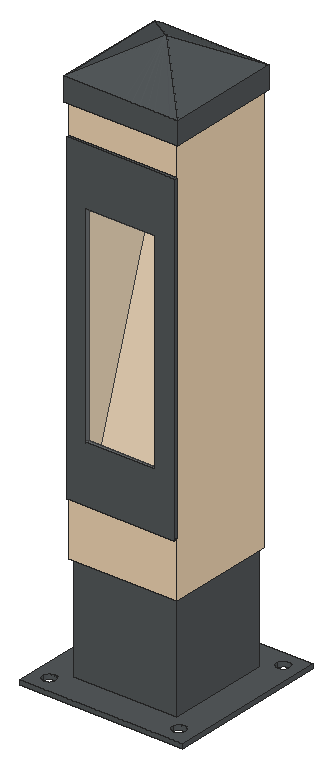
Revit family "Баум", category Осветительные приборы, Revit 2019 (continued)
Types (3, lengths in mm): name | Файл фотометрической сетки | built-in parameter 1150105 | Lumens | built-in parameter 1150106 | built-in parameter 1150142 | Wattage | h_столб низ | h_столб верх | ADSK_Фактическая мощность | ADSK_Размер_Высота | ADSK_Номинальная мощность | ADSK_Наименование | ADSK_Масса_Текст | ADSK_Масса | ADSK_Артикул
    .7 437.9\r\n 431.6 427.6 422.5 414.0 405.0 399.0 392.9 386.3 379.5 371.8 360.8 352.0 347.0 337.9 326.5 316.8 308.5 295.8 278.9 254.2 223.3\r\n 196.0 174.0 155.8 138.2 126.4 112.3 98.9 89.2 75.1 66.1 53.2 40.4 29.7 21.7 11.2 2.9 0.4 0.4 0.4 0.4 0.4 0.4 0.4 0.4 0.4 0.4 0.4\r\n 0.4 0.4 0.4 0.4 0.4 0.4 0.4 0.4 0.4 0.4 0.4 0.4 0.4 0.4 0.4 0.4 0.4 0.4 0.4 0.4 0.4 0.4 0.4 0.4 0.4 0.4 0.4 0.4 0.4 0.4 0.4 0.4\r\n 0.4 0.4 0.4 0.4 0.4 0.4 0.4 0.4 0.4 0.4 0.4 0.4 0.4 0.4 0.4 0.4 0.4 0.4 0.4 0.4 0.4 0.4 0.4 0.4 0.4 0.4 0.4 0.4 0.4 0.4 0.4 0.4\r\n 0.4 0.4 0.4 0.4 0.4 0.4 0.4 0.4 0.4 0.2 0.2 0.2 0.0 0.0 0.0 0.0 0.0 0.0 0.0\r\n0.0 0.0 0.4 0.4 0.4 0.2 0.2 0.4 0.4 0.6 0.6 0.4 0.4 0.4 0.4 0.4 0.4 0.6 1.5 13.4 48.1 130.1 186.1 238.2 274.7 302.8 337.9 366.5\r\n 397.9 425.2 464.1 503.4 554.2 570.4 570.6 566.2 563.2 559.4 554.6 551.1 545.0 543.0 538.4 533.1 531.3 522.1 524.7 517.9 512.0\r\n 505.2 497.5 492.2 486.9 482.1 472.0 463.8 455.1 446.1 436.8 429.3 420.3 408.9 399.3 388.5 381.4 370.1 355.1 332.0 298.6 262.4\r\n 230.1 208.6 187.0 168.3 155.1 133.6 120.6 106.6 92.1 78.7 68.8 54.5 42.6 32.3 22.4 9.7 1.8 0.4 0.4 0.4 0.4 0.4 0.4 0.4 0.4 0.4\r\n 0.4 0.4 0.4 0.4 0.4 0.4 0.4 0.4 0.4 0.4 0.4 0.4 0.4 0.4 0.4 0.4 0.4 0.4 0.4 0.4 0.4 0.4 0.4 0.4 0.4 0.4 0.4 0.4 0.4 0.4 0.4 0.4\r\n 0.4 0.4 0.4 0.4 0.4 0.4 0.4 0.4 0.4 0.4 0.4 0.4 0.4 0.4 0.4 0.4 0.4 0.4 0.4 0.4 0.4 0.4 0.4 0.4 0.4 0.4 0.4 0.4 0.4 0.4 0.4 0.4\r\n 0.4 0.4 0.4 0.4 0.4 0.4 0.4 0.4 0.4 0.4 0.4 0.2 0.2 0.2 0.0 0.0 0.0 0.0 0.0 0.0 0.0\r\n0.0 0.0 0.4 0.4 0.4 0.2 0.2 0.4 0.4 0.6 0.6 0.4 0.4 0.4 0.4 0.4 0.4 1.5 11.2 58.4 134.9 213.2 265.2 303.0 338.0 368.3 407.6 450.0\r\n 488.9 523.4 579.0 604.3 619.2 619.7 615.1 605.0 607.1 603.2 600.5 601.8 598.4 595.0 588.9 583.2 579.4 580.1 572.6 569.6 562.7\r\n 554.4 552.6 543.4 536.2 526.0 517.0 512.2 501.9 492.0 483.6 472.2 461.0 451.3 441.9 430.9 418.2 399.5 374.0 330.7 283.4 250.7\r\n 233.6 208.6 193.4 174.7 157.5 142.1 128.5 111.4 95.6 83.5 64.6 49.7 37.8 29.4 17.8 4.8 0.4 0.4 0.4 0.4 0.4 0.4 0.4 0.4 0.4 0.4\r\n 0.4 0.4 0.4 0.4 0.4 0.4 0.4 0.4 0.4 0.4 0.4 0.4 0.4 0.4 0.4 0.4 0.4 0.4 0.4 0.4 0.4 0.4 0.4 0.4 0.4 0.4 0.4 0.4 0.4 0.4 0.4 0.4\r\n 0.4 0.4 0.4 0.4 0.4 0.4 0.4 0.4 0.4 0.4 0.4 0.4 0.4 0.4 0.4 0.4 0.4 0.4 0.4 0.4 0.4 0.4 0.4 0.4 0.4 0.4 0.4 0.4 0.4 0.4 0.4 0.4\r\n 0.4 0.4 0.4 0.4 0.4 0.4 0.4 0.4 0.4 0.4 0.4 0.2 0.2 0.2 0.0 0.0 0.0 0.0 0.0 0.0 0.0\r\n0.0 0.0 0.4 0.4 0.4 0.2 0.2 0.4 0.4 0.6 0.6 0.4 0.4 0.4 0.4 0.4 0.9 9.5 50.5 143.1 226.8 280.2 316.9 352.5 385.9 428.5 480.6 531.8\r\n 591.7 644.9 678.5 676.4 679.6 678.6 675.3 682.1 681.8 673.7 670.6 669.1 662.5 660.7 655.0 649.7 642.3 637.5 626.3 620.1 614.0\r\n 608.9 604.9 594.2 584.5 576.8 568.7 558.5 547.3 539.5 531.1 518.1 507.4 495.0 480.6 467.6 446.0 412.4 367.6 319.3 289.0 265.4\r\n 243.3 224.6 208.8 187.6 170.9 159.5 140.2 124.6 109.8 91.8 69.2 56.0 41.3 30.3 16.1 2.0 0.6 0.4 0.4 0.4 0.4 0.4 0.4 0.4 0.4 0.4\r\n 0.4 0.4 0.4 0.4 0.4 0.4 0.4 0.4 0.4 0.4 0.4 0.4 0.4 0.4 0.4 0.4 0.4 0.4 0.4 0.4 0.4 0.4 0.4 0.4 0.4 0.4 0.4 0.4 0.4 0.4 0.4 0.4\r\n 0.4 0.4 0.4 0.4 0.4 0.4 0.4 0.4 0.4 0.4 0.4 0.4 0.4 0.4 0.4 0.4 0.4 0.4 0.4 0.4 0.4 0.4 0.4 0.4 0.4 0.4 0.4 0.4 0.4 0.4 0.4 0.4\r\n 0.4 0.4 0.4 0.4 0.4 0.4 0.4 0.4 0.4 0.4 0.4 0.2 0.2 0.2 0.0 0.0 0.0 0.0 0.0 0.0 0.0\r\n0.0 0.0 0.6 0.4 0.4 0.2 0.2 0.4 0.4 0.6 0.6 0.6 0.4 0.4 0.4 0.6 5.7 38.9 123.3 218.2 287.9 337.7 372.2 412.7 466.0 519.5 579.2\r\n 645.2 717.0 731.7 742.7 743.1 741.6 738.7 733.2 735.9 726.4 726.7 721.8 711.9 704.5 694.4 691.5 688.7 688.0 675.3 670.2 659.0\r\n 653.5 649.1 636.3 629.6 625.2 614.0 607.6 597.5 590.0 577.0 564.9 553.3 541.2 527.3 511.3 484.5 445.2 396.8 350.5 323.5 299.7\r\n 272.7 253.6 238.0 215.8 195.6 182.6 164.8 142.4 127.2 110.5 90.1 69.6 54.0 39.8 24.8 9.5 0.9 0.4 0.4 0.4 0.4 0.4 0.4 0.4 0.4 0.4\r\n 0.4 0.4 0.4 0.4 0.4 0.4 0.4 0.4 0.4 0.4 0.4 0.4 0.4 0.4 0.4 0.4 0.4 0.4 0.4 0.4 0.4 0.4 0.4 0.4 0.4 0.4 0.4 0.4 0.4 0.4 0.4 0.4\r\n 0.4 0.4 0.4 0.4 0.4 0.4 0.4 0.4 0.4 0.4 0.4 0.4 0.4 0.4 0.4 0.4 0.4 0.4 0.4 0.4 0.4 0.4 0.4 0.4 0.4 0.4 0.4 0.4 0.4 0.4 0.4 0.4\r\n 0.4 0.4 0.4 0.4 0.4 0.4 0.4 0.4 0.4 0.4 0.4 0.4 0.2 0.2 0.2 0.0 0.0 0.0 0.0 0.0 0.0 0.0\r\n0.0 0.0 0.6 0.4 0.4 0.2 0.2 0.4 0.4 0.6 0.6 0.6 0.4 0.4 0.4 1.5 26.4 96.5 196.9 278.2 337.1 388.3 438.8 492.4 560.1 612.2 703.4\r\n 782.3 810.6 813.7 810.0 806.6 798.5 792.4 794.8 779.8 780.3 766.7 761.0 764.3 759.0 755.2 747.5 740.7 725.8 726.2 721.4 718.1\r\n 712.4 694.1 686.0 673.9 664.5 657.9 647.6 640.8 628.4 614.2 607.6 597.0 584.7 563.0 534.8 486.9 443.0 401.4 368.9 341.9 313.6\r\n 293.3 272.1 246.6 221.9 203.7 190.9 169.4 156.0 138.2 116.9 94.3 78.9 64.6 47.2 24.4 6.6 0.4 0.4 0.4 0.4 0.4 0.4 0.4 0.4 0.4 0.4\r\n 0.4 0.4 0.4 0.4 0.4 0.4 0.4 0.4 0.4 0.4 0.4 0.4 0.4 0.4 0.4 0.4 0.4 0.4 0.4 0.4 0.4 0.4 0.4 0.4 0.4 0.4 0.4 0.4 0.4 0.4 0.4 0.4\r\n 0.4 0.4 0.4 0.4 0.4 0.4 0.4 0.4 0.4 0.4 0.4 0.4 0.6 0.4 0.4 0.4 0.4 0.4 0.4 0.4 0.4 0.4 0.4 0.4 0.4 0.4 0.4 0.4 0.4 0.4 0.4 0.4\r\n 0.4 0.4 0.4 0.4 0.4 0.4 0.4 0.4 0.4 0.4 0.4 0.4 0.2 0.2 0.2 0.0 0.0 0.0 0.2 0.0 0.0 0.0\r\n0.0 0.0 0.6 0.4 0.4 0.4 0.2 0.4 0.4 0.6 0.6 0.6 0.6 0.4 0.7 7.7 71.0 168.5 261.7 326.3 385.6 438.8 507.2 586.5 653.5 749.1 831.2\r\n 867.8 870.6 868.6 867.5 860.3 855.7 855.0 846.9 843.5 835.0 831.9 830.4 822.2 821.8 815.2 810.8 801.8 794.8 787.1 784.0 766.0\r\n 759.2 756.1 747.7 743.1 733.5 718.8 707.5 691.1 680.3 672.0 662.3 646.0 626.9 602.1 552.8 502.7 455.7 425.0 405.8 371.6 341.7\r\n 324.3 294.0 270.5 250.7 228.3 205.7 183.1 169.2 146.6 123.1 101.7 82.2 68.8 44.6 18.0 2.8 0.6 0.4 0.4 0.4 0.4 0.4 0.4 0.4 0.4 0.4\r\n 0.4 0.4 0.4 0.4 0.4 0.4 0.4 0.4 0.4 0.4 0.4 0.4 0.4 0.4 0.4 0.4 0.4 0.4 0.4 0.4 0.4 0.4 0.4 0.4 0.4 0.4 0.4 0.4 0.4 0.4 0.4 0.4\r\n 0.4 0.4 0.4 0.4 0.4 0.4 0.4 0.4 0.4 0.4 0.4 0.4 0.4 0.6 0.4 0.4 0.4 0.4 0.4 0.4 0.4 0.4 0.4 0.4 0.4 0.4 0.4 0.4 0.4 0.4 0.4 0.4\r\n 0.4 0.4 0.4 0.4 0.4 0.4 0.4 0.4 0.4 0.4 0.4 0.4 0.2 0.2 0.2 0.0 0.0 0.0 0.2 0.0 0.0 0.0\r\n0.0 0.0 0.6 0.4 0.4 0.4 0.4 0.4 0.4 0.6 0.6 0.6 0.6 0.6 2.9 31.4 129.8 234.2 310.5 368.7 428.1 497.1 583.6 661.9 756.5 878.5 923.7\r\n 927.7 931.0 931.2 924.6 923.3 924.4 919.6 920.9 918.0 913.4 909.3 900.2 898.0 892.3 886.9 880.2 878.9 872.1 869.1 854.6 844.7\r\n 841.2 833.0 826.2 814.3 800.9 796.5 783.6 779.2 771.5 757.9 743.6 722.0 690.0 644.0 599.5 544.0 511.6 479.2 444.3 422.3 402.6\r\n 378.0 346.7 322.6 301.9 274.2 252.9 230.3 205.9 177.3 144.1 117.4 93.6 71.6 43.1 13.6 2.6 0.4 0.4 0.4 0.4 0.4 0.4 0.4 0.4 0.4 0.4\r\n 0.4 0.4 0.4 0.4 0.4 0.4 0.4 0.4 0.4 0.4 0.4 0.4 0.4 0.4 0.4 0.4 0.4 0.4 0.4 0.4 0.4 0.4 0.4 0.4 0.4 0.4 0.4 0.4 0.4 0.4 0.4 0.4\r\n 0.4 0.4 0.4 0.4 0.4 0.4 0.4 0.4 0.4 0.4 0.4 0.4 0.4 0.4 0.4 0.4 0.4 0.4 0.4 0.4 0.4 0.4 0.4 0.4 0.4 0.4 0.4 0.4 0.4 0.4 0.4 0.4\r\n 0.4 0.4 0.4 0.4 0.4 0.4 0.4 0.4 0.4 0.4 0.4 0.4 0.2 0.2 0.2 0.0 0.0 0.0 0.2 0.0 0.0 0.0\r\n0.0 0.0 0.6 0.4 0.4 0.4 0.4 0.4 0.4 0.6 0.6 0.6 0.6 0.6 9.9 77.3 191.6 284.8 349.4 411.1 478.4 562.7 648.2 736.1 859.4 928.4 945.7\r\n 944.0 945.3 942.0 939.4 940.2 938.5 932.5 924.4 922.2 921.8 917.2 920.2 915.8 908.8 899.4 899.0 889.7 889.0 874.3 874.1 874.8\r\n 864.9 849.9 840.7 836.5 821.8 811.3 806.0 793.0 781.4 766.5 747.8 718.3 674.4 618.5 567.6 534.8 503.2 477.7 446.7 422.1 400.3\r\n 366.5 341.3 325.6 299.9 270.5 250.7 229.9 196.2 168.3 138.0 117.3 100.8 70.1 37.3 4.8 0.6 0.4 0.4 0.4 0.4 0.4 0.4 0.4 0.4 0.4 0.4\r\n 0.4 0.4 0.4 0.4 0.4 0.4 0.4 0.4 0.4 0.4 0.4 0.4 0.4 0.4 0.4 0.4 0.4 0.4 0.4 0.4 0.4 0.4 0.4 0.4 0.4 0.4 0.4 0.4 0.4 0.4 0.4 0.4\r\n 0.4 0.4 0.4 0.4 0.4 0.4 0.4 0.4 0.4 0.4 0.4 0.4 0.4 0.4 0.4 0.4 0.4 0.4 0.4 0.4 0.4 0.4 0.4 0.4 0.4 0.4 0.4 0.4 0.4 0.4 0.4 0.4\r\n 0.4 0.4 0.4 0.4 0.4 0.4 0.4 0.4 0.4 0.4 0.4 0.4 0.2 0.2 0.2 0.0 0.0 0.0 0.2 0.0 0.0 0.0\r\n0.0 0.0 0.6 0.4 0.6 0.4 0.4 0.4 0.4 0.6 0.6 0.6 0.6 0.9 27.2 128.6 246.5 325.4 386.1 453.3 535.1 622.3 701.4 825.3 937.4 953.7\r\n 953.7 957.2 957.0 949.0 950.6 949.0 945.3 944.8 942.7 941.5 939.8 940.3 932.1 922.7 922.2 919.1 908.8 902.9 895.4 903.3 891.9\r\n 875.0 873.0 867.8 856.1 843.8 839.0 828.4 819.2 809.7 793.5 771.5 744.5 699.9 648.0 599.5 561.9 535.5 501.0 470.2 450.4 429.8\r\n 398.0 372.0 349.8 330.9 304.3 272.7 255.4 228.3 193.4 164.1 139.8 118.4 94.3 62.2 30.1 6.6 0.6 0.4 0.4 0.4 0.4 0.4 0.4 0.4 0.4\r\n 0.4 0.4 0.4 0.4 0.4 0.4 0.4 0.4 0.4 0.4 0.4 0.4 0.4 0.4 0.4 0.4 0.4 0.4 0.4 0.4 0.4 0.4 0.4 0.4 0.4 0.4 0.4 0.4 0.4 0.4 0.4 0.4\r\n 0.4 0.4 0.4 0.4 0.4 0.4 0.4 0.4 0.4 0.4 0.4 0.4 0.4 0.4 0.4 0.4 0.4 0.4 0.4 0.4 0.4 0.4 0.4 0.4 0.4 0.4 0.4 0.4 0.4 0.4 0.4 0.4\r\n 0.4 0.4 0.4 0.4 0.4 0.4 0.4 0.4 0.4 0.4 0.4 0.4 0.4 0.4 0.2 0.2 0.2 0.0 0.0 0.0 0.2 0.0 0.0 0.0\r\n0.0 0.0 0.6 0.4 0.6 0.4 0.4 0.4 0.4 0.6 0.6 0.6 0.6 2.6 60.8 176.6 282.4 354.7 419.0 492.9 581.8 661.8 759.2 896.5 950.3 956.9\r\n 954.7 953.9 956.1 952.3 956.1 953.9 951.0 952.5 954.3 949.9 947.1 946.2 941.8 939.1 934.7 926.6 920.9 918.3 912.3 897.8 894.5\r\n 889.0 879.4 867.3 864.2 861.3 849.3 839.0 826.4 813.5 795.9 771.9 720.3 668.4 619.2 579.5 554.8 520.3 490.9 467.2 449.6 417.1\r\n 383.9 368.0 349.0 316.0 289.2 269.0 247.0 218.8 190.7 159.1 133.1 117.1 82.4 47.9 17.8 2.6 0.4 0.4 0.4 0.4 0.4 0.4 0.4 0.4 0.4\r\n 0.4 0.4 0.4 0.4 0.4 0.4 0.4 0.4 0.4 0.4 0.4 0.4 0.4 0.4 0.4 0.4 0.4 0.4 0.4 0.4 0.4 0.4 0.4 0.4 0.4 0.4 0.4 0.4 0.4 0.4 0.4 0.4\r\n 0.4 0.4 0.4 0.4 0.4 0.4 0.4 0.4 0.4 0.4 0.4 0.4 0.4 0.4 0.4 0.4 0.4 0.4 0.4 0.4 0.4 0.4 0.4 0.4 0.4 0.4 0.4 0.4 0.4 0.4 0.4 0.4\r\n 0.4 0.4 0.4 0.4 0.4 0.4 0.4 0.4 0.4 0.4 0.4 0.4 0.4 0.4 0.2 0.2 0.2 0.0 0.0 0.0 0.2 0.0 0.0 0.0\r\n0.0 0.0 0.6 0.4 0.6 0.4 0.4 0.4 0.4 0.6 0.6 0.6 0.6 8.8 104.6 223.7 308.9 376.2 448.7 528.9 612.9 704.3 829.1 935.2 951.4 953.9\r\n 958.5 961.5 963.3 964.4 962.2 961.1 960.2 961.3 953.7 957.4 953.4 950.1 944.9 938.5 934.5 934.8 935.2 927.9 919.6 916.3 904.7\r\n 893.7 893.2 891.2 878.5 866.6 855.0 841.8 831.3 818.5 799.2 762.0 717.5 664.7 616.6 583.0 548.0 521.4 497.9 477.9 455.7 423.2\r\n 394.2 375.3 356.0 319.5 295.6 278.2 252.1 218.6 188.7 156.2 135.1 114.9 88.1 48.6 15.6 1.3 0.4 0.4 0.4 0.4 0.4 0.4 0.4 0.4 0.4\r\n 0.4 0.4 0.4 0.4 0.4 0.4 0.4 0.4 0.4 0.4 0.4 0.4 0.4 0.4 0.4 0.4 0.4 0.4 0.4 0.4 0.4 0.4 0.4 0.4 0.4 0.4 0.4 0.4 0.4 0.4 0.4 0.4\r\n 0.4 0.4 0.4 0.4 0.4 0.4 0.4 0.4 0.4 0.4 0.4 0.4 0.4 0.4 0.4 0.4 0.4 0.4 0.4 0.4 0.4 0.4 0.4 0.4 0.4 0.4 0.4 0.4 0.4 0.4 0.4 0.4\r\n 0.4 0.4 0.4 0.4 0.4 0.4 0.4 0.4 0.4 0.4 0.4 0.4 0.4 0.4 0.2 0.2 0.2 0.0 0.0 0.0 0.2 0.0 0.0 0.0\r\n0.0 0.0 0.6 0.4 0.6 0.4 0.4 0.4 0.4 0.6 0.6 0.6 0.6 25.3 144.1 260.2 336.4 405.6 479.2 562.1 645.4 764.0 896.7 951.9 957.8 958.7\r\n 965.3 965.9 963.5 967.7 961.3 964.0 964.6 960.7 965.5 959.3 954.5 948.2 946.0 942.7 945.5 937.8 926.6 928.0 922.2 914.1 918.0\r\n 909.9 895.8 883.6 877.6 866.8 860.7 857.0 848.8 829.7 793.9 732.6 678.1 632.6 599.0 574.6 545.6 512.4 491.6 475.9 440.8 410.5\r\n 395.5 372.4 342.8 315.3 297.1 278.2 244.3 217.8 182.2 151.0 132.1 100.6 65.3 31.6 8.3 0.9 0.4 0.4 0.4 0.4 0.4 0.4 0.4 0.4 0.4 0.4\r\n 0.4 0.4 0.4 0.4 0.4 0.4 0.4 0.4 0.4 0.4 0.4 0.4 0.4 0.4 0.4 0.4 0.4 0.4 0.4 0.4 0.4 0.4 0.4 0.4 0.4 0.4 0.4 0.4 0.4 0.4 0.4 0.4\r\n 0.4 0.4 0.4 0.4 0.4 0.4 0.4 0.4 0.4 0.4 0.4 0.4 0.4 0.4 0.4 0.4 0.4 0.4 0.4 0.4 0.4 0.4 0.4 0.4 0.4 0.4 0.4 0.4 0.4 0.4 0.4 0.4\r\n 0.4 0.4 0.4 0.4 0.4 0.4 0.4 0.6 0.6 0.4 0.4 0.4 0.4 0.2 0.2 0.2 0.0 0.2 0.2 0.2 0.0 0.0 0.0\r\n0.0 0.0 0.6 0.4 0.6 0.4 0.4 0.4 0.6 0.6 0.6 0.6 0.9 50.8 180.0 287.6 367.2 441.9 517.0 600.1 692.8 829.0 944.4 965.7 971.7 975.4\r\n 972.8 973.9 971.4 970.1 973.2 973.0 972.3 968.1 958.2 961.8 966.4 966.8 961.8 959.1 953.6 958.7 947.7 935.9 929.3 927.0 917.0\r\n 902.7 900.5 894.5 887.1 883.8 871.0 854.5 840.5 806.9 767.5 721.4 670.9 629.6 598.4 565.0 537.3 515.1 499.0 474.6 438.6 408.1\r\n 389.6 371.1 334.7 309.8 294.0 265.0 238.8 205.4 174.7 148.8 133.2 109.8 73.4 31.9 4.2 0.4 0.4 0.4 0.4 0.4 0.4 0.4 0.4 0.4 0.4 0.4\r\n 0.4 0.4 0.4 0.4 0.4 0.4 0.4 0.4 0.4 0.4 0.4 0.4 0.4 0.4 0.4 0.4 0.4 0.4 0.4 0.4 0.4 0.4 0.4 0.4 0.4 0.4 0.4 0.4 0.4 0.4 0.4 0.4\r\n 0.4 0.4 0.4 0.4 0.4 0.4 0.4 0.4 0.4 0.4 0.4 0.4 0.4 0.4 0.4 0.4 0.4 0.4 0.4 0.4 0.4 0.4 0.4 0.4 0.4 0.4 0.4 0.4 0.4 0.4 0.4 0.4\r\n 0.4 0.4 0.4 0.4 0.4 0.4 0.4 0.6 0.6 0.4 0.4 0.4 0.4 0.2 0.2 0.2 0.0 0.2 0.2 0.2 0.0 0.0 0.0\r\n0.0 0.0 0.6 0.4 0.6 0.4 0.4 0.4 0.6 0.6 0.6 0.6 1.6 79.3 212.7 311.8 393.3 466.5 547.4 642.9 749.7 896.1 974.8 982.2 982.4 983.7\r\n 981.1 976.7 976.3 978.1 974.7 971.0 965.3 969.3 975.9 971.7 971.9 970.1 958.7 958.2 951.0 941.1 935.4 933.2 929.5 928.4 917.6\r\n 913.9 910.3 901.4 891.5 878.1 875.0 864.0 844.5 811.2 757.2 703.4 652.0 620.7 598.1 565.2 535.1 510.7 486.3 453.7 423.0 409.4\r\n 393.1 365.9 331.3 315.1 301.5 266.3 232.3 197.5 165.2 146.6 122.0 90.3 55.4 20.5 1.6 0.4 0.4 0.4 0.4 0.4 0.4 0.4 0.4 0.4 0.4 0.4\r\n 0.4 0.4 0.4 0.4 0.4 0.4 0.4 0.4 0.4 0.4 0.4 0.4 0.4 0.4 0.4 0.4 0.4 0.4 0.4 0.4 0.4 0.4 0.4 0.4 0.4 0.4 0.4 0.4 0.4 0.4 0.4 0.4\r\n 0.4 0.4 0.4 0.4 0.4 0.4 0.4 0.4 0.4 0.4 0.4 0.4 0.4 0.4 0.4 0.4 0.4 0.4 0.4 0.4 0.4 0.4 0.6 0.4 0.4 0.4 0.4 0.4 0.4 0.4 0.4 0.4\r\n 0.4 0.4 0.4 0.4 0.6 0.6 0.4 0.6 0.6 0.4 0.4 0.4 0.4 0.2 0.2 0.2 0.2 0.2 0.2 0.2 0.0 0.0 0.0\r\n0.0 0.0 0.6 0.4 0.6 0.4 0.4 0.4 0.6 0.6 0.6 0.6 3.7 111.8 239.3 330.0 406.9 474.8 565.6 662.7 793.0 947.5 986.6 986.0 985.7 982.2\r\n 977.2 979.6 978.7 978.1 975.2 972.1 977.8 974.1 971.5 964.8 954.3 955.6 951.9 951.0 949.5 943.3 944.4 937.4 928.6 925.1 921.1\r\n 915.2 907.9 901.8 899.4 891.2 880.7 861.6 827.8 792.4 743.2 687.3 645.4 613.3 590.9 553.9 526.9 516.8 490.2 454.0 428.9 412.7\r\n 391.1 361.0 336.9 318.0 298.6 261.5 229.9 193.4 165.7 149.2 121.7 92.3 57.4 21.7 2.8 0.4 0.4 0.4 0.4 0.4 0.4 0.4 0.4 0.4 0.4 0.4\r\n 0.4 0.4 0.4 0.4 0.4 0.4 0.4 0.4 0.4 0.4 0.4 0.4 0.4 0.4 0.4 0.4 0.4 0.4 0.4 0.4 0.4 0.4 0.4 0.4 0.4 0.4 0.4 0.4 0.4 0.4 0.4 0.4\r\n 0.4 0.4 0.4 0.4 0.4 0.4 0.4 0.4 0.4 0.4 0.4 0.4 0.4 0.4 0.4 0.4 0.4 0.4 0.4 0.4 0.4 0.4 0.6 0.4 0.4 0.4 0.4 0.4 0.6 0.6 0.4 0.6\r\n 0.6 0.6 0.6 0.6 0.6 0.4 0.4 0.6 0.6 0.4 0.4 0.4 0.4 0.4 0.2 0.2 0.2 0.2 0.2 0.2 0.0 0.0 0.0\r\n0.0 0.0 0.6 0.4 0.6 0.4 0.4 0.4 0.6 0.6 0.6 0.6 8.4 144.8 262.1 341.2 410.2 481.0 583.8 679.4 840.7 966.6 983.3 979.8 978.7 977.4\r\n 981.4 981.4 981.3 978.3 983.3 982.9 983.1 982.5 975.6 977.6 974.7 963.1 959.1 958.7 949.0 945.1 940.3 938.3 936.7 930.8 925.7\r\n 918.0 909.3 904.9 898.5 892.3 879.4 864.5 826.9 773.9 717.9 670.9 640.3 622.3 584.3 555.9 534.6 508.5 483.9 447.0 432.2 420.1\r\n 385.8 352.9 330.3 316.8 285.7 252.7 224.4 190.1 168.1 153.4 122.8 79.3 36.5 9.7 1.6 0.4 0.4 0.4 0.4 0.4 0.4 0.4 0.4 0.4 0.4 0.4\r\n 0.4 0.4 0.4 0.4 0.4 0.4 0.4 0.4 0.4 0.4 0.4 0.4 0.4 0.4 0.4 0.4 0.4 0.4 0.4 0.4 0.4 0.4 0.4 0.4 0.4 0.4 0.4 0.4 0.4 0.4 0.4 0.4\r\n 0.4 0.4 0.4 0.4 0.4 0.4 0.4 0.4 0.4 0.4 0.4 0.4 0.4 0.4 0.4 0.4 0.4 0.4 0.4 0.4 0.4 0.6 0.6 0.6 0.4 0.6 0.4 0.6 0.6 0.6 0.6 0.6\r\n 0.6 0.6 0.6 0.6 0.6 0.6 0.4 0.6 0.6 0.6 0.6 0.4 0.4 0.4 0.2 0.2 0.2 0.2 0.2 0.2 0.0 0.0 0.0\r\n0.0 0.0 0.6 0.4 0.6 0.4 0.4 0.4 0.6 0.7 0.6 0.7 19.5 167.4 280.4 354.7 422.8 502.7 609.5 710.2 887.3 967.1 971.0 971.5 975.4 976.5\r\n 984.2 984.6 987.0 984.9 982.5 981.6 977.0 976.1 973.5 971.0 971.5 969.0 965.9 962.7 963.7 958.7 949.3 940.2 939.1 932.1 926.0\r\n 922.7 918.9 914.5 903.8 891.7 875.8 854.5 813.5 768.0 718.3 666.0 633.0 606.9 574.4 546.2 533.3 515.9 484.1 451.5 430.0 411.3\r\n 384.5 358.6 333.8 315.1 285.0 254.4 227.6 189.2 167.2 145.7 114.0 81.7 42.6 10.5 0.9 0.4 0.4 0.4 0.4 0.4 0.4 0.4 0.4 0.4 0.4 0.4\r\n 0.4 0.4 0.4 0.4 0.4 0.4 0.4 0.4 0.4 0.4 0.4 0.4 0.4 0.4 0.4 0.4 0.4 0.4 0.4 0.4 0.4 0.4 0.4 0.4 0.4 0.4 0.4 0.4 0.4 0.4 0.4 0.4\r\n 0.4 0.4 0.4 0.4 0.4 0.4 0.4 0.4 0.4 0.4 0.4 0.4 0.4 0.4 0.4 0.4 0.4 0.6 0.6 0.6 0.4 0.6 0.6 0.6 0.6 0.6 0.6 0.6 0.6 0.6 0.6 0.6\r\n 0.6 0.6 0.6 0.6 0.6 0.6 0.6 0.6 0.6 0.6 0.6 0.4 0.4 0.4 0.2 0.2 0.2 0.2 0.2 0.2 0.0 0.0 0.0\r\n0.0 0.0 0.6 0.4 0.6 0.4 0.4 0.4 0.6 0.7 0.6 0.7 35.8 179.7 292.2 373.1 450.9 541.8 642.3 741.4 911.9 964.8 962.4 965.1 970.4 974.8\r\n 978.9 981.4 984.8 988.2 987.7 989.5 987.7 992.3 992.1 984.6 980.0 976.7 975.2 965.5 967.0 962.4 957.6 957.0 954.1 944.4 942.7\r\n 935.6 914.7 908.6 906.2 895.6 882.3 855.9 808.6 750.0 696.6 665.8 635.7 606.0 570.4 547.1 533.1 499.4 471.3 446.7 432.9 409.8\r\n 373.5 345.6 328.9 309.8 276.4 246.1 212.3 186.8 167.0 144.3 110.5 70.3 32.1 7.2 1.1 0.4 0.4 0.4 0.4 0.4 0.4 0.4 0.4 0.4 0.4 0.4\r\n 0.4 0.4 0.4 0.4 0.4 0.4 0.4 0.4 0.4 0.4 0.4 0.4 0.4 0.4 0.4 0.4 0.4 0.4 0.4 0.4 0.4 0.4 0.4 0.4 0.4 0.4 
    0.4 0.4 0.4 0.4 0.4 0.4\r\n 0.4 0.4 0.4 0.4 0.4 0.6 0.4 0.4 0.6 0.4 0.4 0.4 0.6 0.4 0.6 0.4 0.6 0.6 0.6 0.6 0.6 0.6 0.6 0.6 0.6 0.6 0.6 0.6 0.6 0.6 0.6 0.6\r\n 0.6 0.6 0.6 0.6 0.6 0.6 0.6 0.6 0.6 0.6 0.6 0.6 0.6 0.4 0.2 0.2 0.2 0.2 0.2 0.2 0.0 0.0 0.0\r\n0.0 0.0 0.6 0.4 0.6 0.4 0.4 0.4 0.6 0.7 0.6 0.7 49.7 190.3 298.8 386.1 468.9 567.6 668.5 781.4 936.5 971.0 972.8 975.8 981.1 980.9\r\n 982.2 988.2 980.0 991.5 990.1 987.9 992.3 984.2 983.7 985.1 982.7 974.7 974.1 972.8 966.0 961.8 963.7 958.7 957.0 945.8 942.0\r\n 941.1 933.9 930.3 921.8 911.7 900.9 859.6 813.9 761.2 708.6 666.5 642.3 610.7 575.2 550.6 534.8 508.0 474.8 448.9 432.4 410.7\r\n 379.5 356.0 340.6 318.6 279.5 250.7 214.3 179.7 160.4 137.5 109.9 69.9 31.6 5.3 0.6 0.6 0.4 0.4 0.4 0.6 0.4 0.4 0.6 0.6 0.4 0.4\r\n 0.4 0.4 0.4 0.4 0.4 0.4 0.4 0.4 0.4 0.4 0.6 0.4 0.4 0.4 0.4 0.4 0.6 0.4 0.4 0.4 0.4 0.6 0.6 0.6 0.6 0.4 0.4 0.6 0.4 0.6 0.6 0.6\r\n 0.6 0.6 0.6 0.6 0.6 0.6 0.6 0.6 0.6 0.6 0.6 0.6 0.6 0.6 0.6 0.6 0.6 0.6 0.6 0.6 0.6 0.6 0.6 0.6 0.6 0.6 0.6 0.6 0.6 0.6 0.6 0.6\r\n 0.6 0.6 0.6 0.6 0.6 0.6 0.6 0.6 0.6 0.6 0.6 0.6 0.6 0.4 0.2 0.2 0.2 0.2 0.2 0.2 0.0 0.0 0.0\r\n0.0 0.0 0.6 0.4 0.6 0.4 0.4 0.4 0.6 0.7 0.6 1.1 57.6 200.9 305.0 389.2 466.7 567.3 665.4 799.4 942.0 982.4 985.8 990.1 985.5 991.7\r\n 990.1 990.1 990.3 989.9 986.0 988.8 987.1 987.5 985.5 984.0 989.3 993.0 988.0 987.7 988.4 986.6 977.2 964.4 955.6 950.6 949.0\r\n 942.9 932.8 928.8 925.5 915.8 889.0 851.3 792.2 736.6 690.9 657.5 637.3 600.3 561.8 547.8 532.6 504.1 475.5 454.0 437.5 409.4\r\n 373.6 349.8 334.0 306.8 270.0 241.9 205.9 180.8 163.0 139.8 102.8 65.3 30.1 4.6 0.6 0.6 0.6 0.6 0.6 0.6 0.6 0.6 0.6 0.6 0.6 0.6\r\n 0.6 0.6 0.6 0.6 0.6 0.6 0.6 0.6 0.6 0.6 0.6 0.6 0.6 0.6 0.6 0.6 0.6 0.6 0.6 0.6 0.6 0.6 0.6 0.6 0.6 0.6 0.6 0.6 0.6 0.6 0.6 0.6\r\n 0.6 0.6 0.6 0.6 0.6 0.6 0.6 0.6 0.6 0.6 0.6 0.6 0.6 0.6 0.6 0.6 0.6 0.6 0.6 0.6 0.6 0.6 0.6 0.6 0.6 0.6 0.6 0.6 0.6 0.6 0.6 0.6\r\n 0.6 0.6 0.6 0.6 0.6 0.6 0.6 0.6 0.6 0.6 0.6 0.6 0.6 0.4 0.2 0.2 0.2 0.2 0.2 0.2 0.0 0.0 0.0\r\n0.0 0.0 0.6 0.4 0.6 0.4 0.4 0.4 0.6 0.7 0.6 1.3 64.8 209.8 310.9 387.8 460.1 557.7 651.3 800.1 944.0 985.7 992.5 997.0 993.4 998.5\r\n 994.1 992.8 993.7 989.9 995.9 992.8 991.2 995.2 995.8 991.5 985.8 985.1 986.0 986.0 982.7 976.9 967.9 968.4 970.4 967.5 957.0\r\n 955.9 949.9 936.5 921.4 910.1 887.1 839.6 789.5 740.1 688.5 653.9 629.6 603.2 576.1 557.3 534.8 493.5 461.2 447.6 430.0 405.8\r\n 374.4 352.7 340.4 316.8 278.6 249.0 210.9 183.1 161.3 131.9 99.7 66.4 21.8 3.5 0.6 0.6 0.6 0.6 0.6 0.6 0.6 0.6 0.6 0.6 0.6 0.6\r\n 0.6 0.6 0.6 0.6 0.6 0.6 0.6 0.6 0.6 0.6 0.6 0.6 0.6 0.6 0.6 0.6 0.6 0.6 0.6 0.6 0.6 0.6 0.6 0.6 0.6 0.6 0.6 0.6 0.6 0.6 0.6 0.6\r\n 0.6 0.6 0.6 0.6 0.6 0.6 0.6 0.6 0.6 0.6 0.6 0.6 0.6 0.6 0.6 0.6 0.6 0.6 0.6 0.6 0.6 0.6 0.6 0.6 0.6 0.6 0.6 0.6 0.6 0.6 0.6 0.6\r\n 0.6 0.6 0.6 0.6 0.6 0.6 0.7 0.6 0.6 0.6 0.6 0.6 0.6 0.4 0.2 0.2 0.2 0.2 0.2 0.2 0.0 0.0 0.0\r\n0.0 0.0 0.6 0.4 0.6 0.4 0.4 0.4 0.6 0.7 0.6 1.3 73.4 214.0 312.7 388.7 463.9 564.1 655.5 805.6 944.2 979.8 989.2 992.6 993.7 991.3\r\n 991.9 996.3 995.8 994.1 988.0 987.9 986.8 986.2 988.8 995.2 987.1 986.4 987.3 980.0 974.7 972.8 973.4 969.7 963.3 965.3 961.1\r\n 951.4 940.7 930.6 920.9 906.9 878.0 833.2 783.4 725.8 684.3 657.2 627.4 593.1 568.2 550.0 528.9 496.6 463.0 447.6 429.6 400.6\r\n 372.5 355.8 337.9 309.2 270.7 239.9 200.6 172.7 158.9 136.7 100.0 52.8 22.9 5.0 0.7 0.6 0.6 0.6 0.6 0.6 0.6 0.6 0.6 0.6 0.6 0.6\r\n 0.6 0.6 0.6 0.6 0.6 0.6 0.6 0.6 0.6 0.6 0.6 0.6 0.6 0.6 0.6 0.6 0.6 0.6 0.6 0.6 0.6 0.6 0.6 0.6 0.6 0.6 0.6 0.6 0.6 0.6 0.6 0.6\r\n 0.6 0.6 0.6 0.7 0.6 0.6 0.6 0.6 0.6 0.6 0.6 0.6 0.6 0.6 0.7 0.7 0.6 0.7 0.7 0.7 0.6 0.7 0.7 0.7 0.7 0.6 0.6 0.6 0.7 0.7 0.7 0.6\r\n 0.6 0.7 0.6 0.6 0.6 0.6 0.7 0.6 0.6 0.6 0.6 0.6 0.6 0.4 0.2 0.2 0.2 0.2 0.2 0.2 0.0 0.0 0.0\r\n0.0 0.0 0.6 0.4 0.6 0.4 0.4 0.4 0.6 0.7 0.6 1.1 77.4 214.9 313.3 393.1 474.8 586.5 677.7 827.7 954.3 978.1 983.5 986.0 987.5 989.0\r\n 991.5 992.3 993.4 990.1 989.3 993.0 987.0 987.5 987.3 980.7 984.0 984.0 983.7 980.3 981.1 980.9 974.7 966.0 961.3 951.7 940.3\r\n 937.0 932.1 932.3 925.1 911.5 879.2 838.3 782.3 731.3 688.4 657.9 632.2 603.0 567.4 549.3 530.7 497.9 469.1 454.6 434.2 402.5\r\n 366.9 346.5 325.6 308.3 268.5 244.4 206.4 182.8 163.9 131.8 100.8 62.0 28.3 4.0 0.7 0.6 0.6 0.6 0.6 0.6 0.6 0.6 0.6 0.6 0.6 0.6\r\n 0.6 0.6 0.6 0.6 0.6 0.6 0.6 0.6 0.6 0.6 0.6 0.6 0.6 0.6 0.6 0.6 0.6 0.6 0.6 0.6 0.7 0.6 0.6 0.6 0.6 0.6 0.6 0.6 0.6 0.6 0.6 0.6\r\n 0.6 0.6 0.6 0.6 0.6 0.6 0.7 0.6 0.6 0.6 0.6 0.6 0.6 0.6 0.6 0.6 0.6 0.7 0.6 0.7 0.6 0.6 0.7 0.7 0.6 0.6 0.6 0.6 0.7 0.7 0.7 0.6\r\n 0.7 0.6 0.7 0.6 0.6 0.6 0.6 0.6 0.6 0.6 0.6 0.6 0.6 0.4 0.2 0.2 0.2 0.2 0.2 0.2 0.0 0.0 0.0\r\n" | 2.69284 W | 102 | 400 | 4 W | 600 | 4 W | "ДТУ961 Светодиодный светильник Баум ДТУ-96-AF-4Вт-0.6" | "7" | 7 | "ДТУ961"
